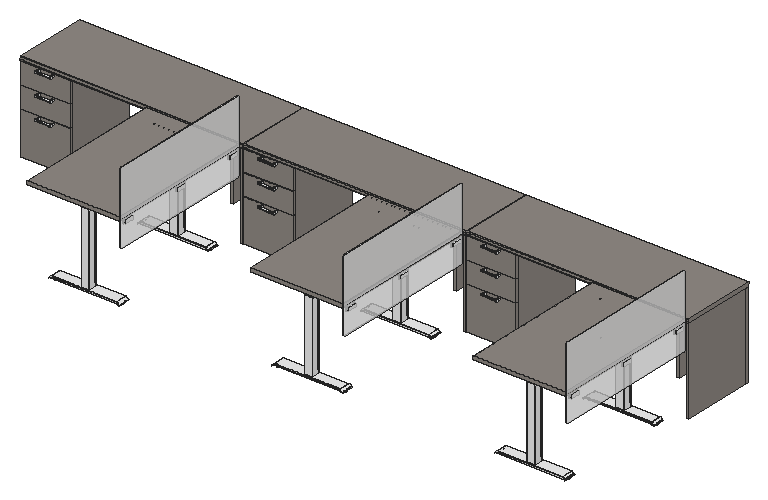
Revit family "JSI-Vision-Typical_Veneer-VST109-", category Furniture, Revit 2020 (continued)
Definition of nested family "JSI-Vision-Credenza_Top"
  Parameters (values of type "Type Catalog")
    Worksurface = none
    Width = 30"
    URL = "www.jsifurniture.com"
    Type Comments = ""
    Series = "Vision Casegoods"  # constant formula
    Model = "Type Catalog"
    Material = ""
    Manufacturer = "JSI"  # constant formula
    Keynote = "12500"
    JSI Enviromental Website = "http://www.jsifurniture.com/jsi_sustainability_intro.php"
    Height [instance] = 0"
    Description = "Type Catalog"
    Depth = 20"
    Default Elevation = 0"
    Assembly Code = "E2020200"
  Reference planes (in)
    plane 1 "Center Front/Back": y = 0
    plane 2: z = 0
    plane 3 "Center Left/Right": x = 0
    plane 4: z = 0
    plane 5: x = 30
    plane 6: y = -20
    plane 7: z = 1.1875
    plane 8: z = 0
  Forms (in)
    Extrusion 1, solid, material <- "Worksurface"
      sketch origin (0, 0, 28) x (0, 1, 0) y (0, 0, 1)
        loop
          line (-19.88189, -28) -> (0, -28) -> (0, -26.8125) -> (-19.88189, -26.8125)
          arc (-19.88189, -26.8125) -> (-19.96541, -26.84709) -> (-20, -26.93061) r 0.11811
          line (-20, -26.93061) -> (-20, -27.88189)
          arc (-20, -27.88189) -> (-19.96541, -27.96541) -> (-19.88189, -28) r 0.11811
      from 0 to 30
  Lines and regions (in)
    symbolic lines
      curve 1: line (0, 0, 0) -> (30, 0, 0)
      curve 2: line (0, -20, 0) -> (0, 0, 0)
      curve 3: line (30, -20, 0) -> (0, -20, 0)
      curve 4: line (30, 0, 0) -> (30, -20, 0)
  Dimensions and locks (in)
    "Depth": plane 6 to plane 1 "Center Front/Back"
    "Width": plane 5 to plane 3 "Center Left/Right"
    locked: plane 7 to plane 8 at 1.1875
    "Height": plane 8 to level
    aligned and locked: level to plane 2
    aligned and locked: plane 5 to Extrusion 1
    aligned and locked: curve 1 to Extrusion 1
    aligned and locked: curve 2 to Extrusion 1
    aligned and locked: plane 6 to curve 3
    aligned and locked: curve 4 to plane 5
    aligned and locked: Extrusion 1 to plane 8
    aligned and locked: plane 7 to Extrusion 1
  Automatic sketch dimensions
    Extrusion 1 sketch curve to plane 6 = 0"
    level to Extrusion 1 sketch curve = 0"
    Extrusion 1 sketch curve to plane 7 = 0"
    Extrusion 1 sketch curve to plane 1 "Center Front/Back" = 0"
    Extrusion 1 sketch curve to Extrusion 1 sketch curve = 0.11811"
    plane 6 to Extrusion 1 sketch curve = 0.11811"
Definition of nested family "JSI-Vision-Lok_Frosted_Acrylic_Privacy_Screen"
  Parameters (values of type "LK-PSP-7224A, Lok Frosted Acrylic Privacy Screen - 72w x 23 3/4h")
    Width = 72"
    URL = "www.jsifurniture.com"
    Type Comments = ""
    Series = "Vision Casegoods"  # constant formula
    Model = "LK-PSP-7224A"
    Material = ""
    Manufacturer = "JSI"  # constant formula
    Keynote = "12500"
    JSI Enviromental Website = "http://www.jsifurniture.com/jsi_sustainability_intro.php"
    Height = 23 3/4"
    Description = "Lok Frosted Acrylic Privacy Screen - 72w x 23 3/4h"
    Depth = 1/4"
    Acrylic Finish = none
    Default Elevation = 0"
    Bracket Finish = none
    Assembly Code = "E2020200"
  Types (3): name | Width | Model | Description
    LK-PSP-4824A, Lok Frosted Acrylic Privacy Screen - 48w x 23 3/4h | 48" | "LK-PSP-4824A" | "Lok Frosted Acrylic Privacy Screen - 48w x 23 3/4h"
    LK-PSP-6024A, Lok Frosted Acrylic Privacy Screen - 60w x 23 3/4h | 60" | "LK-PSP-6024A" | "Lok Frosted Acrylic Privacy Screen - 60w x 23 3/4h"
    LK-PSP-7224A, Lok Frosted Acrylic Privacy Screen - 72w x 23 3/4h | 72" | "LK-PSP-7224A" | "Lok Frosted Acrylic Privacy Screen - 72w x 23 3/4h"
  Reference planes (in)
    plane 1 "Center Front/Back": y = 0
    plane 2: z = 0
    plane 3 "Center Left/Right": x = 0
    plane 4: z = 0
    plane 5: z = 30
    plane 6: x = 72
    plane 7: y = 0.25
    plane 8: x = 1.4375
    plane 9: x = 4.1875
    plane 10: x = 36
    plane 11: x = 70.5625
    plane 12: x = 67.8125
    plane 13: x = 34.62504
    plane 14: x = 37.37496
    plane 15: z = 21.63
    plane 16: z = 45.38
    plane 17: y = 0.6437
  Forms (in)
    Extrusion 1, solid, material <- "Acrylic Finish"
      sketch origin (0, 0, 0) x (1, 0, 0) y (0, 0, 1)
        loop
          arc (0.75, 45.38) -> (0.21967, 45.16033) -> (0, 44.63) r 0.75
          line (0, 44.63) -> (0, 22.38)
          arc (0, 22.38) -> (0.21967, 21.84967) -> (0.75, 21.63) r 0.75
          line (0.75, 21.63) -> (71.25, 21.63)
          arc (71.25, 21.63) -> (71.78033, 21.84967) -> (72, 22.38) r 0.75
          line (72, 22.38) -> (72, 44.63)
          arc (72, 44.63) -> (71.78033, 45.16033) -> (71.25, 45.38) r 0.75
          line (71.25, 45.38) -> (0.75, 45.38)
      from -0.25 to 0
    Extrusion 2, solid, material <- "Bracket Finish"
      sketch origin (0, 0, 0) x (0, 1, 0) y (0, 0, 1)
        loop
          line (-1.5, 30.13) -> (-1.5, 30) -> (-0.13, 30) -> (-0.13, 28.63) -> (0, 28.63) -> (0, 30.13) -> (-1.5, 30.13)
      from 1.4375 to 4.1875
    Extrusion 3, solid, material <- "Bracket Finish"
      sketch origin (12.75, 0, 0) x (0, 1, 0) y (0, 0, 1)
        loop
          line (-1.5, 30.13) -> (-1.5, 30) -> (-0.13, 30) -> (-0.13, 28.63) -> (0, 28.63) -> (0, 30.13) -> (-1.5, 30.13)
      from 21.87504 to 24.62496
    Extrusion 4, solid, material <- "Bracket Finish"
      sketch origin (44, 0, 0) x (0, 1, 0) y (0, 0, 1)
        loop
          line (-1.5, 30.13) -> (-1.5, 30) -> (-0.13, 30) -> (-0.13, 28.63) -> (0, 28.63) -> (0, 30.13) -> (-1.5, 30.13)
      from 23.8125 to 26.5625
    Extrusion 5, solid, material <- "Bracket Finish"
      sketch origin (0, 6, 0) x (1, 0, 0) y (0, 0, 1)
        loop
          arc (1.5, 29.76683) -> (1.45581, 29.74852) -> (1.4375, 29.70433) r 0.0625
          line (1.4375, 29.70433) -> (1.4375, 28.8057)
          arc (1.4375, 28.8057) -> (1.45581, 28.76151) -> (1.5, 28.7432) r 0.0625
          line (1.5, 28.7432) -> (4.125, 28.7432)
          arc (4.125, 28.7432) -> (4.16919, 28.76151) -> (4.1875, 28.8057) r 0.0625
          line (4.1875, 28.8057) -> (4.1875, 29.70433)
          arc (4.1875, 29.70433) -> (4.16919, 29.74852) -> (4.125, 29.76683) r 0.0625
          line (4.125, 29.76683) -> (1.5, 29.76683)
        loop
          arc (34.68746, 29.76683) -> (34.64327, 29.74852) -> (34.62496, 29.70433) r 0.0625
          line (34.62496, 29.70433) -> (34.62496, 28.8057)
          arc (34.62496, 28.8057) -> (34.64327, 28.76151) -> (34.68746, 28.7432) r 0.0625
          line (34.68746, 28.7432) -> (37.31246, 28.7432)
          arc (37.31246, 28.7432) -> (37.35666, 28.76151) -> (37.37496, 28.8057) r 0.0625
          line (37.37496, 28.8057) -> (37.37496, 29.70433)
          arc (37.37496, 29.70433) -> (37.35666, 29.74852) -> (37.31246, 29.76683) r 0.0625
          line (37.31246, 29.76683) -> (34.68746, 29.76683)
        loop
          arc (67.875, 29.76683) -> (67.83081, 29.74852) -> (67.8125, 29.70433) r 0.0625
          line (67.8125, 29.70433) -> (67.8125, 28.8057)
          arc (67.8125, 28.8057) -> (67.83081, 28.76151) -> (67.875, 28.7432) r 0.0625
          line (67.875, 28.7432) -> (70.5, 28.7432)
          arc (70.5, 28.7432) -> (70.54419, 28.76151) -> (70.5625, 28.8057) r 0.0625
          line (70.5625, 28.8057) -> (70.5625, 29.70433)
          arc (70.5625, 29.70433) -> (70.54419, 29.74852) -> (70.5, 29.76683) r 0.0625
          line (70.5, 29.76683) -> (67.875, 29.76683)
      from 5.3563 to 5.75
  Lines and regions (in)
    symbolic lines
      curve 1: line (0, 0.25, 0) -> (72, 0.25, 0)
      curve 2: line (0, 0, 0) -> (0, 0.25, 0)
      curve 3: line (72, 0, 0) -> (0, 0, 0)
      curve 4: line (72, 0.25, 0) -> (72, 0, 0)
      curve 5: line (1.4375, 0.6437, 0) -> (4.1875, 0.6437, 0)
      curve 6: line (1.4375, 0.6437, 0) -> (1.4375, 0.25, 0)
      curve 7: line (4.1875, 0.6437, 0) -> (4.1875, 0.25, 0)
      curve 8: line (34.62504, 0.6437, 0) -> (37.37496, 0.6437, 0)
      curve 9: line (34.62504, 0.6437, 0) -> (34.62504, 0.25, 0)
      curve 10: line (37.37496, 0.6437, 0) -> (37.37496, 0.25, 0)
      curve 11: line (67.8125, 0.6437, 0) -> (70.5625, 0.6437, 0)
      curve 12: line (67.8125, 0.6437, 0) -> (67.8125, 0.25, 0)
      curve 13: line (70.5625, 0.6437, 0) -> (70.5625, 0.25, 0)
    symbolic lines, detail levels medium+fine
      curve 14: line (1.4375, -1.5, 0) -> (4.1875, -1.5, 0)
      curve 15: line (1.4375, 0, 0) -> (1.4375, -1.5, 0)
      curve 16: line (4.1875, -1.5, 0) -> (4.1875, 0, 0)
      curve 17: line (34.62504, -1.5, 0) -> (37.37496, -1.5, 0)
      curve 18: line (34.62504, 0, 0) -> (34.62504, -1.5, 0)
      curve 19: line (37.37496, -1.5, 0) -> (37.37496, 0, 0)
      curve 20: line (67.8125, -1.5, 0) -> (70.5625, -1.5, 0)
      curve 21: line (67.8125, 0, 0) -> (67.8125, -1.5, 0)
      curve 22: line (70.5625, -1.5, 0) -> (70.5625, 0, 0)
  Dimensions and locks (in)
    plane 5 to plane 4 = 30"
    locked: plane 7 to plane 1 "Center Front/Back" at 0.25
    "Width": plane 3 "Center Left/Right" to plane 6
    equal spacing: plane 3 "Center Left/Right", plane 10, plane 6
    plane 3 "Center Left/Right" to plane 8 to plane 9 = 1 7/16" locked, 2 3/4" locked
    plane 12 to plane 11 to plane 6 = 2 3/4" locked, 1 7/16" locked
    plane 13 to plane 10 to plane 14 = 1.37496" locked, 1.37496" locked
    locked: plane 5 to plane 15 at 8.37
    locked: plane 16 to plane 5 at 15.38
    locked: Extrusion 1 sketch curve to plane 3 "Center Left/Right" at 0.75  (x2)
    locked: plane 16 to Extrusion 1 sketch curve at 0.75  (x2)
    locked: Extrusion 1 sketch curve to plane 6 at 0.75  (x2)
    locked: Extrusion 1 sketch curve to plane 15 at 0.75  (x2)
    Extrusion 5 sketch curve to Extrusion 5 sketch curve to Extrusion 5 sketch curve to Extrusion 5 sketch curve to plane 8 = 0" locked, 2 5/8" locked, 0" locked, 1/16" locked
    plane 13 to Extrusion 5 sketch curve to Extrusion 5 sketch curve = 0.06242" locked, 0" locked
    plane 14 to Extrusion 5 sketch curve to Extrusion 5 sketch curve = 1/16" locked, 0" locked
    Extrusion 5 sketch curve to Extrusion 5 sketch curve to plane 12 = 0" locked, 1/16" locked
    plane 11 to Extrusion 5 sketch curve to Extrusion 5 sketch curve = 1/16" locked, 0" locked
    locked: plane 17 to plane 7 at 0.3937
    aligned and locked: level to plane 2
    aligned and locked: plane 3 "Center Left/Right" to Extrusion 1 sketch curve
    aligned and locked: plane 6 to Extrusion 1 sketch curve
    aligned and locked: Extrusion 1 sketch curve to plane 16
    aligned and locked: plane 15 to Extrusion 1 sketch curve
    aligned and locked: plane 7 to Extrusion 1
    aligned and locked: plane 1 "Center Front/Back" to Extrusion 1
    aligned and locked: Extrusion 2 to plane 9
    aligned and locked: plane 8 to Extrusion 2
    aligned and locked: plane 14 to Extrusion 3
    aligned and locked: plane 13 to Extrusion 3
    aligned and locked: plane 11 to Extrusion 4
    aligned and locked: Extrusion 4 to plane 12
    aligned and locked: Extrusion 5 sketch curve to plane 8
    aligned and locked: plane 9 to Extrusion 5 sketch curve
    aligned and locked: Extrusion 5 to plane 7
    aligned and locked: plane 17 to Extrusion 5
    aligned and locked: plane 3 "Center Left/Right" to curve 2
    aligned and locked: curve 3 to plane 1 "Center Front/Back"
    aligned and locked: curve 1 to plane 7
    aligned and locked: plane 6 to curve 4
    aligned and locked: plane 8 to curve 5
    aligned and locked: plane 9 to curve 5
    aligned and locked: curve 5 to plane 17
    aligned and locked: plane 7 to curve 6
    aligned and locked: plane 17 to curve 7
    aligned and locked: plane 13 to curve 8
    aligned and locked: curve 8 to plane 17
    aligned and locked: curve 10 to plane 14
    aligned and locked: plane 12 to curve 11
    aligned and locked: plane 11 to curve 11
    aligned and locked: curve 11 to plane 17
    aligned and locked: plane 17 to curve 13
    aligned and locked: curve 14 to Extrusion 2
    aligned and locked: curve 15 to Extrusion 2
    aligned and locked: curve 16 to Extrusion 2
    aligned and locked: curve 17 to Extrusion 3
    aligned and locked: curve 18 to Extrusion 3
    aligned and locked: curve 19 to Extrusion 3
    aligned and locked: curve 20 to Extrusion 4
    aligned and locked: curve 21 to Extrusion 4
    aligned and locked: curve 22 to Extrusion 4
  Automatic sketch dimensions
    Extrusion 2 sketch curve to plane 5 = 0"
    Extrusion 2 sketch curve to plane 1 "Center Front/Back" = 0"
    plane 1 "Center Front/Back" to Extrusion 2 sketch curve = 0.13"
    Extrusion 2 sketch curve to Extrusion 2 sketch curve = 1.37"  (x2)
    plane 5 to Extrusion 2 sketch curve = 0.13"
    Extrusion 3 sketch curve to plane 5 = 0"
    Extrusion 3 sketch curve to plane 1 "Center Front/Back" = 0"
    Extrusion 3 sketch curve to Extrusion 3 sketch curve = 0.13"
    Extrusion 3 sketch curve to Extrusion 3 sketch curve = 1.37"
    Extrusion 3 sketch curve to plane 5 = 1.37"
    plane 5 to Extrusion 3 sketch curve = 0.13"
    Extrusion 4 sketch curve to plane 5 = 0"
    Extrusion 4 sketch curve to plane 1 "Center Front/Back" = 0"
    Extrusion 4 sketch curve to Extrusion 4 sketch curve = 0.13"
    Extrusion 4 sketch curve to Extrusion 4 sketch curve = 1.37"
    Extrusion 4 sketch curve to plane 5 = 1.37"
    plane 5 to Extrusion 4 sketch curve = 0.13"
    Extrusion 5 sketch curve to plane 14 = 0"
    Extrusion 5 sketch curve to plane 12 = 0"
    Extrusion 5 sketch curve to plane 11 = 0"
    plane 13 to Extrusion 5 sketch curve = 0.00008"
    Extrusion 5 sketch curve to plane 5 = 1.2568"  (x3)
    Extrusion 5 sketch curve to plane 5 = 0.29567"  (x3)
